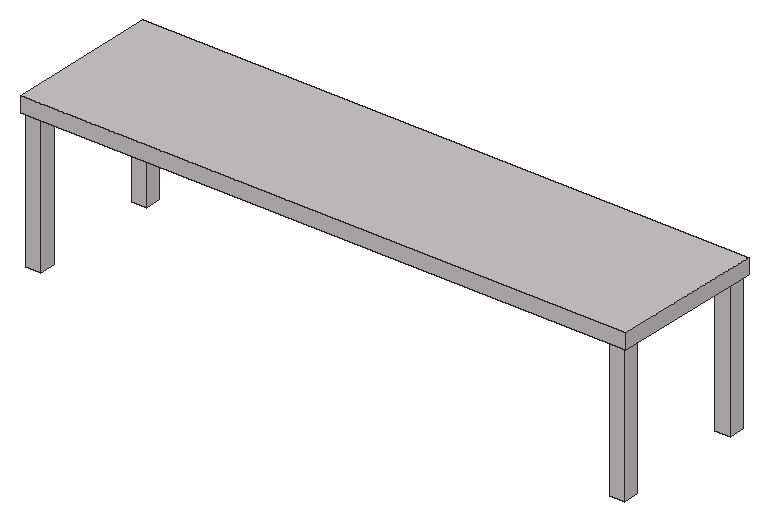
Revit family "QF_ZANUSSI_132967_OSN1L16", category Attrezzature speciali, Revit 2021
Family settings
  Quota connettore circolare = Usa diametro
  Tipo di parte = Normale
  Basato su piano di lavoro = No
  Sempre verticale = Sì
  Taglio con vuoti quando caricato = No
  Condiviso = No
  Punto di calcolo locali = No
Parameters (values of type "Standard")
  Weight = 21.00 kg
  Watts = 0 W
  Volts = 0 V
  URL Manufacturer = "http://www.zanussiprofessional.com"
  URL = "http://www.zanussiprofessional.com"
  Steam Supply Size = 0 mm
  Steam Supply Minimum Pressure = 0.0 Pa
  Steam Supply Maximum Pressure = 0.0 Pa
  Steam Consumption per Hour = 0
  Refrigeration Suction Line Size = 0.0 mm
  Refrigeration Liquid Line Size = 0.0 mm
  Refrigerant Compressor Remote = yes
  Prospetto di default = 0.0 mm
  Phase = 0
  Modello = "OSN1L16"
  Produttore = "Zanussi"
  Length Actual = 1575.0 mm  # constant formula
  Item Number = "132967"
  Hot Water Size = 0 mm
  Height Actual = 400.0 mm  # constant formula
  HP = "0 HP"
  Gas Size = 0 mm
  Gas KW = 0
  Gas Input Pressure = 0 W
  Direct Waste Size = 0 mm
  Descrizione = "OVERSHELF, NEUTRAL, ONE TIER, 1600 MM"
  Depth Actual = 400.0 mm  # constant formula
  Cycle = 0 Hz
  Condensate Return Size = 0 mm
  Compressed Air Volume = 0.0 L/s
  Compressed Air Size = 0 mm
  Compressed Air Pressure = 0.0 Pa
  Cold Water Size = 0 mm
  Accessory = yes
Reference planes
  plane 1 "Center (Front/Back)": y = 0
  plane 2: z = 0
  plane 3 "Center (Left/Right)": x = -287.5
  plane 4 "LEFT": x = -1075
  plane 5 "RIGHT": x = 500
  plane 6 "BACK": y = 350
  plane 7 "FRONT": y = -50
  plane 8 "Base": z = 1260
  plane 9 "TOP": z = 1300
  plane 10: x = -1047.2
  plane 11: x = 472.2
  plane 12: y = 322.2
  plane 13: y = -22.2
  plane 14: z = 900
Forms (mm)
  Extrusion 1, solid, material "QF_Finishes_Stainless Steel"
    sketch origin (-287.5, 0, 900) x (0, 1, 0) y (0, 0, 1)
      loop
        line (-50, 360) -> (350, 360) -> (350, 400) -> (-50, 400) -> (-50, 360)
    from 787.5 to -787.5
Lines and regions (mm)
  symbolic lines
    curve 1: line (500, 350, 1300) -> (-1075, 350, 1300)
    curve 2: line (-1075, 350, 1300) -> (-1075, -50, 1300)
    curve 3: line (-1075, -50, 1300) -> (500, -50, 1300)
    curve 4: line (500, -50, 1300) -> (500, 350, 1300)
    curve 5: line (-1075, -50, 1300) -> (500, 350, 1300)
  symbolic lines, style "SpecialityEquipmentHiddenLines"
    curve 6: line (-1067.2, -2.2, 1300) -> (-1027.2, -2.2, 1300)
    curve 7: line (-1027.2, -2.2, 1300) -> (-1027.2, -42.2, 1300)
    curve 8: line (-1027.2, -42.2, 1300) -> (-1067.2, -42.2, 1300)
    curve 9: line (-1067.2, -42.2, 1300) -> (-1067.2, -2.2, 1300)
    curve 10: line (-1067.2, 342.2, 1300) -> (-1027.2, 342.2, 1300)
    curve 11: line (-1027.2, 342.2, 1300) -> (-1027.2, 302.2, 1300)
    curve 12: line (-1027.2, 302.2, 1300) -> (-1067.2, 302.2, 1300)
    curve 13: line (-1067.2, 302.2, 1300) -> (-1067.2, 342.2, 1300)
    curve 14: line (452.2, 342.2, 1300) -> (492.2, 342.2, 1300)
    curve 15: line (492.2, 342.2, 1300) -> (492.2, 302.2, 1300)
    curve 16: line (492.2, 302.2, 1300) -> (452.2, 302.2, 1300)
    curve 17: line (452.2, 302.2, 1300) -> (452.2, 342.2, 1300)
    curve 18: line (452.2, -2.2, 1300) -> (492.2, -2.2, 1300)
    curve 19: line (492.2, -2.2, 1300) -> (492.2, -42.2, 1300)
    curve 20: line (492.2, -42.2, 1300) -> (452.2, -42.2, 1300)
    curve 21: line (452.2, -42.2, 1300) -> (452.2, -2.2, 1300)
Dimensions and locks
  plane 4 "LEFT" to plane 5 "RIGHT" = 1575.0 mm
  equal spacing: plane 4 "LEFT", plane 3 "Center (Left/Right)", plane 5 "RIGHT"
  plane 4 "LEFT" to plane 10 = 27.8 mm
  plane 11 to plane 5 "RIGHT" = 27.8 mm
  plane 10 to plane 11 = 1519.4 mm
  plane 6 "BACK" to plane 12 = 27.8 mm
  plane 13 to plane 7 "FRONT" = 27.8 mm
  plane 6 "BACK" to plane 7 "FRONT" = 400.0 mm
  plane 12 to plane 13 = 344.4 mm
  plane 6 "BACK" to plane 1 "Center (Front/Back)" to plane 7 "FRONT" = 350.0 mm, 50.0 mm
  plane 14 to level = 900.0 mm
  locked: plane 8 "Base" to plane 14 at 360
  locked: plane 9 "TOP" to plane 14 at 400
  aligned and locked: level to plane 2
  aligned and locked: plane 10 to nested 1
  aligned and locked: nested 1 to plane 13
  aligned and locked: plane 11 to nested 2
  aligned and locked: nested 2 to plane 13
  aligned and locked: plane 11 to nested 4
  aligned and locked: nested 4 to plane 12
  aligned and locked: plane 10 to nested 3
  aligned and locked: nested 3 to plane 12
  aligned and locked: Extrusion 1 to plane 4 "LEFT"
  aligned and locked: plane 5 "RIGHT" to Extrusion 1
  aligned and locked: curve 2 to plane 4 "LEFT"
Automatic sketch dimensions
  Extrusion 1 sketch curve to plane 7 "FRONT" = 0.0 mm
  Extrusion 1 sketch curve to plane 8 "Base" = 0.0 mm
  Extrusion 1 sketch curve to plane 9 "TOP" = 0.0 mm
  Extrusion 1 sketch curve to plane 6 "BACK" = 0.0 mm
  curve 4 to plane 5 "RIGHT" = 0.0 mm
  curve 4 to plane 7 "FRONT" = 0.0 mm
  curve 4 to plane 6 "BACK" = 0.0 mm
  plane 7 "FRONT" to curve 20 = 7.8 mm
  plane 7 "FRONT" to curve 9 = 7.8 mm
  plane 1 "Center (Front/Back)" to curve 6 = 2.2 mm
  plane 1 "Center (Front/Back)" to curve 21 = 2.2 mm
  curve 11 to plane 12 = 20.0 mm
  curve 17 to plane 12 = 20.0 mm
  curve 15 to plane 6 "BACK" = 7.8 mm
  curve 13 to plane 6 "BACK" = 7.8 mm
  curve 19 to plane 5 "RIGHT" = 7.8 mm
  curve 15 to plane 5 "RIGHT" = 7.8 mm
  curve 16 to plane 11 = 20.0 mm
  curve 18 to plane 11 = 20.0 mm
  plane 10 to curve 11 = 20.0 mm
  plane 10 to curve 6 = 20.0 mm
  plane 4 "LEFT" to curve 9 = 7.8 mm
  plane 4 "LEFT" to curve 10 = 7.8 mm
Nested families
  nested 1: "FEET_40x40_H360" at (-1047.2, -22.2, 900), type "FEET_40x40_H360"
  nested 2: "FEET_40x40_H360" at (472.2, -22.2, 900), type "FEET_40x40_H360"
  nested 3: "FEET_40x40_H360" at (-1047.2, 322.2, 900), type "FEET_40x40_H360"
  nested 4: "FEET_40x40_H360" at (472.2, 322.2, 900), type "FEET_40x40_H360"
Definition of nested family "FEET_40x40_H360"
  Parameters
    Default Elevation = 0.0 mm
    FEET = 360.0 mm
  Reference planes
    plane 1 "Center (Front/Back)": y = 0
    plane 2: z = 0
    plane 3 "Center (Left/Right)": x = 0
    plane 4: z = 360
  Forms (mm)
    Extrusion 1, solid
      sketch origin (0, 0, 0) x (1, 0, 0) y (0, 1, 0)
        loop
          line (-20, -20) -> (20, -20) -> (20, 20) -> (-20, 20) -> (-20, -20)
      from 0 to 360
  Lines and regions (mm)
    symbolic lines
      curve 1: line (0, -1.503, 0) -> (0, 1.508, 0)
      curve 2: line (1.561, 0, 0) -> (-1.439, 0, 0)
  Dimensions and locks
    "FEET": plane 4 to plane 2
    aligned and locked: level to plane 2
  Automatic sketch dimensions
    plane 1 "Center (Front/Back)" to curve 2 = 0.0 mm
    curve 1 to plane 3 "Center (Left/Right)" = 0.0 mm
    curve 2 to plane 3 "Center (Left/Right)" = 1.439 mm
    plane 3 "Center (Left/Right)" to curve 2 = 1.561 mm
    plane 1 "Center (Front/Back)" to curve 1 = 1.503 mm
    curve 1 to plane 1 "Center (Front/Back)" = 1.508 mm
    Extrusion 1 sketch curve to plane 3 "Center (Left/Right)" = 20.0 mm
    plane 3 "Center (Left/Right)" to Extrusion 1 sketch curve = 20.0 mm
    plane 1 "Center (Front/Back)" to Extrusion 1 sketch curve = 20.0 mm
    Extrusion 1 sketch curve to plane 1 "Center (Front/Back)" = 20.0 mm
